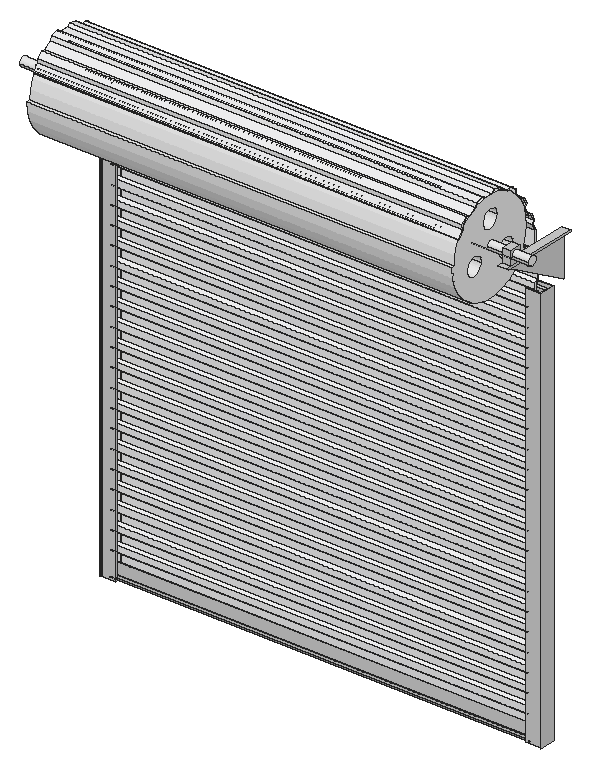
Revit family "Doors_Industrial_Wayne-Dalton_Commercial-Wind-Load-Roll-Up-Door-Model-DS-350_", category Specialty Equipment, host Wall, Revit 2019
Family settings
  Host = Wall
  Round Connector Dimension = Use Diameter
  Part Type = Normal
  OmniClass Number = 23.30.10.21.34
  OmniClass Title = Industrial Doors
  Always vertical = Yes
  Cut with Voids When Loaded = No
  Shared = No
  Room Calculation Point = No
Parameters (values of type "‏​Manual push-up")
  Voltage = 0 V
  True Opening Width [instance] = Clear Width  # 72"
  True Opening Height [instance] = Clear Height  # 72"
  Square 3 [instance] = if(Hood 3, if(Curtain Option Real = 1, 1 = 1, 1 = 2), 1 = 2)  # no
  Square 2 [instance] = if(Hood 2, if(Curtain Option Real = 1, 1 = 1, 1 = 2), 1 = 2)  # no
  Square 1 [instance] = if(Hood 1, if(Curtain Option Real = 1, 1 = 1, 1 = 2), 1 = 2)  # yes
  Slat Height [instance] = if(Curtain Option Real = 1, 3 7/32" * 3, 3 41/256" * 3)  # 9 21/32"
  Round 3 [instance] = if(Hood 3, not(Square 3), 1 = 2)  # no
  Round 2 [instance] = if(Hood 2, not(Square 2), 1 = 2)  # no
  Round 1 [instance] = if(Hood 1, not(Square 1), 1 = 2)  # no
  Product Page URL = "https://www.wayne-dalton.com/roll-up-sheet-door-ds350"
  Slat Length [instance] = [Opening Width (Real)] + 1/4" * 2 + 1 77/256" * 2  # 75 13/128"
  Power Factor = 1
  Opening Width [instance] = 72"
  Opening Height [instance] = 72"
  Number of Poles = 1
  Motor Type [instance] = "GCL Wall mount operator"  # constant formula
  Min Opening Width [instance] = 48"  # constant formula
  Min Opening Height [instance] = 72"  # constant formula
  Max Opening Width [instance] = 192"  # constant formula
  Max Opening Height [instance] = 192"  # constant formula
  Manual = yes
  Hood 3 [instance] = if(Headroom Height = 24", 1 = 1, 1 = 2)  # no
  Hood 2 [instance] = if(Headroom Height = 22", 1 = 1, 1 = 2)  # no
  Hood 1 [instance] = if(Headroom Height = 20", 1 = 1, 1 = 2)  # yes
  Headroom Height [instance] = if([Opening Height (Real)] < 96 1/4", 20", if([Opening Height (Real)] < 120 1/4", 22", 24"))  # 20"
  Opening Width (Real) [instance] = if(Opening Width < Min Opening Width, Min Opening Width, if(Opening Width > Max Opening Width, Max Opening Width, Opening Width))  # 72"
  Opening Height (Real) [instance] = if(Opening Height < Min Opening Height, Min Opening Height, if(Opening Height > Max Opening Height, Max Opening Height, Opening Height))  # 72"
  URL = "https://www.wayne-dalton.com/"
  Product data url = "https://www.bimobject.com/wayne-dalton/product/roll-up-sheet-door-ds350"
  Product Guid = "3ebec87e-711d-456e-b7eb-1e1a6fb7535e"
  Model = "DS-350"  # constant formula
  Manufacturer = "Wayne Dalton"  # constant formula
  Wall Closure = By host
  Frequency = 0 Hz
  Floor To (CL) of Shaft [instance] = [Opening Height (Real)] + C + 1 1/2"  # 83 1/2"
  Finish Material = Metal - Wayne Dalton - Galvanized Steel
  Electrical Operator = no
  Description = "Model DS-350 Commercial Wind Load Roll-Up Door (R-Value 4.0 with optional insulation)"  # constant formula
  Curtain Type [instance] = if(Curtain Option Real = 1, "Square Profile", "Round Profile")  # "Square Profile"
  Curtain Option Real [instance] = if(Curtain Option < 2, 1, 2)  # 1
  Curtain Option [instance] = 1
  Curtain Material [instance] = Steel - Wayne Dalton - White
  Current = 0 A
  Connection Offset Real [instance] = if(Ad Slat 2, Connection Offset - Ad Slat Height * 2, if(Ad Slat 1, Connection Offset - Ad Slat Height, Connection Offset))  # 5 39/256"
  Connection Offset [instance] = [Floor To (CL) of Shaft] - Array Length - 1 13/128" + 1/256"  # 5 39/256"
  Clear Width [instance] = [Opening Width (Real)]  # 72"
  Clear Height [instance] = [Opening Height (Real)]  # 72"
  Chain Hoist = no
  C [instance] = if([Opening Height (Real)] < 96 1/4", 10", if([Opening Height (Real)] < 120 1/4", 11", 12"))  # 10"
  Backroom Depth [instance] = Headroom Height + 3"  # 23"
  BR Shaft Distance [instance] = 11 1/2" + 3/4"  # 12 1/4"
  Array Length [instance] = (Array) * Slat Height  # 77 1/4"
  Array [instance] = rounddown(([Floor To (CL) of Shaft] - 1 13/128" - 2 51/256") / Slat Height)  # 8
  Apparent Load Phase 1 = Current * Voltage  # 0 VA
  Ad Slat Height [instance] = if(Curtain Option Real = 1, 3 7/32", 3 41/256")  # 3 7/32"
  Ad Slat 2 [instance] = if(Connection Offset > Ad Slat Height * 2 + 2 51/256", 1 = 1, 1 = 2)  # no
  Ad Slat 1 [instance] = if(Connection Offset > Ad Slat Height + 2 51/256", 1 = 1, 1 = 2)  # no
  A [instance] = if(Manual, 6", if(Chain Hoist, 8", 9"))  # 6"
Reference planes (in)
  plane 1 "Center (Front/Back)": y = 0
  plane 2 "Center (Left/Right)": x = 0
  plane 3 "Exterior": y = 1.5
  plane 4 "Interior": y = -4.5
  plane 5: x = 36
  plane 6: x = -36
  plane 7: z = 72
  plane 8 "Top": z = 92
  plane 9 "Main": y = -6.5
  plane 10: y = -27.5
  plane 11 "Main Door Block": y = -4.5
  plane 12: z = 47.47
  plane 13 "Bottom Bar": z = 1.1046
  plane 14: x = 38.25
  plane 15: x = -38.25
  plane 16: y = -6.003
  plane 17: y = -6.798
  plane 18: z = 78.3546
  plane 19: z = 83.5
  plane 20: z = 10.76085
  plane 21: z = 81.57335
  plane 22: y = -16.75
  plane 23: x = 37.55078
  plane 24: x = -37.55078
Forms (in)
  Extrusion 1, solid, material "Steel - Wayne Dalton - White" <- "Curtain Material", visible <- "Square 1"
    sketch origin (0, -16.75, 83.5) x (0, 1, 0) y (0, 0, 1)
      loop
        line (9.35386, -0.98398) -> (9.952, -2.141) -> (9.952, -5.15234) -> (9.992, -5.15234) -> (9.992, -2.13127) -> (9.39876, -0.98372) -> (9.70567, -0.3725) -> (9.10863, 0.78239) -> (8.48605, 0.87724) -> (7.73642, 2.4142) -> (8.0119, 3.04619) -> (7.35309, 4.16698) -> (6.77504, 4.22317) -> (5.61691, 5.60807) -> (5.63407, 6.28783) -> (4.60189, 7.07829) -> (3.92065, 6.87579)
        arc (3.92065, 6.87579) -> (3.23374, 7.22433) -> (2.5162, 7.50445) r 7.915
        line (2.5162, 7.50445) -> (2.21341, 8.14743) -> (0.93628, 8.39066) -> (0.41835, 7.90399)
        arc (0.41835, 7.90399) -> (-0.35192, 7.90723) -> (-1.11886, 7.83558) r 7.915
        line (-1.11886, 7.83558) -> (-1.67798, 8.2743) -> (-2.92845, 7.91858) -> (-3.17293, 7.25125)
        arc (-3.17293, 7.25125) -> (-3.86368, 6.90796) -> (-4.51775, 6.49907) r 7.915
        line (-4.51775, 6.49907) -> (-5.21433, 6.64006) -> (-6.17196, 5.76076) -> (-6.09079, 5.05471)
        arc (-6.09079, 5.05471) -> (-6.55449, 4.43694) -> (-6.95576, 3.77691) r 7.915
        line (-6.95576, 3.77691) -> (-6.92515, 3.74945)
        arc (-6.92515, 3.74945) -> (-6.51925, 4.41764) -> (-6.0491, 5.04228) r 7.875
        line (-6.0491, 5.04228) -> (-6.12989, 5.74508) -> (-5.20229, 6.59681) -> (-4.50892, 6.45647)
        arc (-4.50892, 6.45647) -> (-3.84416, 6.87305) -> (-3.14125, 7.22143) r 7.875
        line (-3.14125, 7.22143) -> (-2.8979, 7.88568) -> (-1.68664, 8.23025) -> (-1.13009, 7.79355)
        arc (-1.13009, 7.79355) -> (-0.35014, 7.86727) -> (0.43327, 7.86313) r 7.875
        line (0.43327, 7.86313) -> (0.94882, 8.34755) -> (2.1859, 8.11194) -> (2.4873, 7.47193)
        arc (2.4873, 7.47193) -> (3.2174, 7.18782) -> (3.91565, 6.83257) r 7.875
        line (3.91565, 6.83257) -> (4.59376, 7.03414) -> (5.59357, 6.26846) -> (5.57655, 5.59404) -> (6.75491, 4.18494) -> (7.32893, 4.12914) -> (7.96709, 3.04349) -> (7.69237, 2.41326) -> (8.45929, 0.84085) -> (9.08246, 0.74591) -> (9.66077, -0.37276) -> (9.35386, -0.98398)
    from -37.55078 to 37.55078
  Extrusion 2, solid, material "Steel - Wayne Dalton - White" <- "Curtain Material", visible <- "Round 1"
    sketch origin (0, -16.75, 83.5) x (0, 1, 0) y (0, 0, 1)
      loop
        arc (9.74192, -1.45013) -> (9.70658, -1.67468) -> (9.90748, -1.78104) r 0.19562
        line (9.90748, -1.78104) -> (10.085, -2.141) -> (10.085, -5.15234) -> (10.133, -5.15234) -> (10.133, -2.12924) -> (9.93364, -1.725)
        arc (9.93364, -1.725) -> (9.75811, -1.66767) -> (9.77636, -1.48393) r 0.14737
        arc (9.77636, -1.48393) -> (9.89931, -0.71691) -> (9.21593, -0.34757) r 0.67117
        arc (9.21593, -0.34757) -> (9.05903, -0.2502) -> (9.1204, -0.07604) r 0.14737
        line (9.1204, -0.07604) -> (8.53591, 1.10908)
        arc (8.53591, 1.10908) -> (8.36035, 1.16644) -> (8.37862, 1.35023) r 0.1474
        arc (8.37862, 1.35023) -> (8.50168, 2.11855) -> (7.81692, 2.4881) r 0.67208
        arc (7.81692, 2.4881) -> (7.59514, 2.64042) -> (7.71928, 2.87912) r 0.20303
        arc (7.71928, 2.87912) -> (7.42224, 3.61978) -> (6.90343, 4.22612) r 2.45604
        arc (6.90343, 4.22612) -> (6.71156, 4.22906) -> (6.68519, 4.41913) r 0.1474
        arc (6.68519, 4.41913) -> (6.64936, 5.19511) -> (5.9051, 5.41757) r 0.67119
        arc (5.9051, 5.41757) -> (5.73414, 5.47703) -> (5.74981, 5.65736) r 0.14735
        arc (5.74981, 5.65736) -> (5.28391, 6.29572) -> (4.57984, 6.65467) r 1.70114
        arc (4.57984, 6.65467) -> (4.40364, 6.5959) -> (4.30983, 6.7562) r 0.1474
        arc (4.30983, 6.7562) -> (3.96148, 7.45051) -> (3.19107, 7.35102) r 0.67119
        arc (3.19107, 7.35102) -> (3.01095, 7.33565) -> (2.95149, 7.50636) r 0.14735
        arc (2.95149, 7.50636) -> (2.26649, 7.90055) -> (1.47729, 7.94267) r 1.70114
        arc (1.47729, 7.94267) -> (1.34043, 7.8168) -> (1.18925, 7.92506) r 0.1474
        arc (1.18925, 7.92506) -> (0.58862, 8.41766) -> (-0.07472, 8.01342) r 0.67119
        arc (-0.07472, 8.01342) -> (-0.23303, 7.92612) -> (-0.35677, 8.05793) r 0.14735
        arc (-0.35677, 8.05793) -> (-1.14283, 8.13939) -> (-1.88088, 7.85689) r 1.70114
        arc (-1.88088, 7.85689) -> (-1.95472, 7.68623) -> (-2.13686, 7.72365) r 0.1474
        arc (-2.13686, 7.72365) -> (-2.88593, 7.92937) -> (-3.3275, 7.29028) r 0.67119
        arc (-3.3275, 7.29028) -> (-3.43662, 7.14614) -> (-3.60327, 7.21622) r 0.14735
        arc (-3.60327, 7.21622) -> (-4.35451, 6.97093) -> (-4.91385, 6.41266) r 1.70114
        arc (-4.91385, 6.41266) -> (-4.9119, 6.22673) -> (-5.09351, 6.18683) r 0.1474
        arc (-5.09351, 6.18683) -> (-5.86149, 6.0701) -> (-6.00496, 5.30667) r 0.67119
        arc (-6.00496, 5.30667) -> (-6.04603, 5.13059) -> (-6.2268, 5.12686) r 0.14735
        arc (-6.2268, 5.12686) -> (-6.81327, 4.59725) -> (-7.09718, 3.85979) r 1.70114
        arc (-7.09718, 3.85979) -> (-7.01977, 3.69073) -> (-7.16946, 3.58041) r 0.1474
        line (-7.16946, 3.58041) -> (-7.16946, 3.53209)
        arc (-7.16946, 3.53209) -> (-6.97785, 3.66253) -> (-7.04529, 3.8843) r 0.19561
        arc (-7.04529, 3.8843) -> (-6.77295, 4.57141) -> (-6.2284, 5.07117) r 1.6532
        arc (-6.2284, 5.07117) -> (-6.00359, 5.10369) -> (-5.9611, 5.32683) r 0.19561
        arc (-5.9611, 5.32683) -> (-5.8279, 6.03538) -> (-5.11511, 6.14365) r 0.62293
        arc (-5.11511, 6.14365) -> (-4.88582, 6.18314) -> (-4.85649, 6.41395) r 0.19561
        arc (-4.85649, 6.41395) -> (-4.32818, 6.93092) -> (-3.62739, 7.16599) r 1.6532
        arc (-3.62739, 7.16599) -> (-3.40878, 7.10423) -> (-3.27919, 7.29081) r 0.19562
        arc (-3.27919, 7.29081) -> (-2.86934, 7.88394) -> (-2.17415, 7.69293) r 0.62291
        arc (-2.17415, 7.69293) -> (-1.94863, 7.63572) -> (-1.82791, 7.83461) r 0.19562
        arc (-1.82791, 7.83461) -> (-1.13501, 8.092) -> (-0.39919, 8.02169) r 1.65314
        arc (-0.39919, 8.02169) -> (-0.22454, 7.87656) -> (-0.03038, 7.99431) r 0.19562
        arc (-0.03038, 7.99431) -> (0.5853, 8.36944) -> (1.1427, 7.91217) r 0.62292
        arc (1.1427, 7.91217) -> (1.32545, 7.76819) -> (1.51662, 7.90077) r 0.19562
        arc (1.51662, 7.90077) -> (2.25437, 7.85408) -> (2.89801, 7.49052) r 1.65314
        arc (2.89801, 7.49052) -> (2.99855, 7.28693) -> (3.2238, 7.31553) r 0.19562
        arc (3.2238, 7.31553) -> (3.93884, 7.40781) -> (4.26206, 6.76336) r 0.62292
        arc (4.26206, 6.76336) -> (4.37019, 6.55761) -> (4.59864, 6.60044) r 0.19562
        arc (4.59864, 6.60044) -> (5.25386, 6.25826) -> (5.69444, 5.66472) r 1.65314
        arc (5.69444, 5.66472) -> (5.70296, 5.43757) -> (5.92056, 5.37183) r 0.19562
        arc (5.92056, 5.37183) -> (6.61131, 5.1653) -> (6.64447, 4.4451) r 0.62292
        arc (6.64447, 4.4451) -> (6.66416, 4.20792) -> (6.89831, 4.16529) r 0.19562
        arc (6.89831, 4.16529) -> (7.38087, 3.59309) -> (7.66415, 2.90025) r 2.40509
        arc (7.66415, 2.90025) -> (7.55829, 2.6074) -> (7.82249, 2.4426) r 0.24762
        arc (7.82249, 2.4426) -> (8.45927, 2.09867) -> (8.34445, 1.38411) r 0.62502
        arc (8.34445, 1.38411) -> (8.30895, 1.1596) -> (8.50974, 1.05307) r 0.19562
        line (8.50974, 1.05307) -> (9.06001, -0.06268)
        arc (9.06001, -0.06268) -> (9.02211, -0.28682) -> (9.22178, -0.39546) r 0.19562
        arc (9.22178, -0.39546) -> (9.85604, -0.73825) -> (9.74192, -1.45013) r 0.62292
    from -37.55078 to 37.55078
  Extrusion 3, solid, material "Steel - Wayne Dalton - White" <- "Curtain Material", visible <- "Square 2"
    sketch origin (0, -56.91387, 60.29048) x (0, 1, 0) y (0, 0, 1)
      loop
        line (50.15543, 21.0759) -> (49.8925, 21.94375) -> (50.27805, 22.45275) -> (49.90088, 23.69748) -> (49.2514, 23.92293) -> (48.89029, 25.11467) -> (49.30541, 25.6627) -> (48.92824, 26.90743) -> (48.27876, 27.13288) -> (47.28814, 28.58067) -> (47.41089, 29.2807) -> (46.5069, 30.21504) -> (45.80066, 30.11511)
        arc (45.80066, 30.11511) -> (44.98916, 30.70465) -> (44.11658, 31.1993) r 8.91406
        line (44.11658, 31.1993) -> (43.91454, 31.87913) -> (42.68864, 32.312) -> (42.10452, 31.90977)
        arc (42.10452, 31.90977) -> (41.11477, 32.07272) -> (40.11299, 32.12343) r 8.91406
        line (40.11299, 32.12343) -> (39.62749, 32.64042) -> (38.33766, 32.47745) -> (37.99601, 31.85595)
        arc (37.99601, 31.85595) -> (37.03832, 31.55766) -> (36.12021, 31.15365) r 8.91406
        line (36.12021, 31.15365) -> (35.4544, 31.39795) -> (34.3747, 30.67377) -> (34.3481, 29.96505)
        arc (34.3481, 29.96505) -> (33.62595, 29.26889) -> (32.98658, 28.49601) r 8.91406
        line (32.98658, 28.49601) -> (32.28193, 28.41572) -> (31.64174, 27.28418) -> (31.958, 26.59023) -> (31.97896, 26.64068) -> (31.68659, 27.28222) -> (32.30671, 28.37828) -> (33.0072, 28.4581)
        arc (33.0072, 28.4581) -> (33.6546, 29.24234) -> (34.38747, 29.94737) r 8.875
        line (34.38747, 29.94737) -> (34.41391, 30.6519) -> (35.45976, 31.35338) -> (36.12163, 31.11052)
        arc (36.12163, 31.11052) -> (37.05202, 31.52107) -> (38.02326, 31.8225) r 8.875
        line (38.02326, 31.8225) -> (38.3629, 32.44032) -> (39.61228, 32.59818) -> (40.09491, 32.08425)
        arc (40.09491, 32.08425) -> (41.11061, 32.03388) -> (42.11387, 31.86764) r 8.875
        line (42.11387, 31.86764) -> (42.69453, 32.2675) -> (43.882, 31.84819) -> (44.08285, 31.17239)
        arc (44.08285, 31.17239) -> (44.96804, 30.67179) -> (45.79016, 30.07322) r 8.875
        line (45.79016, 30.07322) -> (46.49232, 30.17258) -> (47.36797, 29.26753) -> (47.24579, 28.57073) -> (48.24655, 27.10126) -> (48.89603, 26.87581) -> (49.26122, 25.6706) -> (48.8461, 25.12257) -> (49.21919, 23.8913) -> (49.86867, 23.66586) -> (50.23386, 22.46065) -> (49.84831, 21.95166) -> (50.11587, 21.06852) -> (50.11587, 18.05717) -> (50.15543, 18.05717) -> (50.15543, 21.0759)
    from -37.55078 to 37.55078
  Extrusion 4, solid, material "Steel - Wayne Dalton - White" <- "Curtain Material", visible <- "Round 2"
    sketch origin (0, -58.62108, 60.29048) x (0, 1, 0) y (0, 0, 1)
      loop
        arc (51.61751, 22.14506) -> (51.54784, 21.92869) -> (51.72984, 21.7925) r 0.19562
        line (51.72984, 21.7925) -> (51.95608, 21.0682) -> (51.95608, 18.05717) -> (52.00408, 18.05717) -> (52.00408, 21.07637) -> (51.76436, 21.84382)
        arc (51.76436, 21.84382) -> (51.59982, 21.92763) -> (51.6463, 22.10634) r 0.14737
        arc (51.6463, 22.10634) -> (51.88651, 22.84508) -> (51.26854, 23.31576) r 0.67117
        arc (51.26854, 23.31576) -> (51.1286, 23.43624) -> (51.21619, 23.5988) r 0.14737
        line (51.21619, 23.5988) -> (50.82222, 24.86011)
        arc (50.82222, 24.86011) -> (50.65768, 24.94391) -> (50.70416, 25.12262) r 0.14737
        arc (50.70416, 25.12262) -> (50.94437, 25.86136) -> (50.32639, 26.33204) r 0.67117
        arc (50.32639, 26.33204) -> (50.18998, 26.43777) -> (50.2475, 26.60049) r 0.14737
        arc (50.2475, 26.60049) -> (50.03811, 27.42772) -> (49.53591, 28.11759) r 2.25136
        arc (49.53591, 28.11759) -> (49.34943, 28.13045) -> (49.3255, 28.31583) r 0.1474
        arc (49.3255, 28.31583) -> (49.27994, 29.0913) -> (48.53295, 29.30441) r 0.67119
        arc (48.53295, 29.30441) -> (48.36788, 29.35255) -> (48.36081, 29.52434) r 0.14735
        arc (48.36081, 29.52434) -> (47.89934, 30.26041) -> (47.11736, 30.63893) r 1.57183
        arc (47.11736, 30.63893) -> (46.94039, 30.58722) -> (46.8514, 30.7487) r 0.1474
        arc (46.8514, 30.7487) -> (46.51695, 31.44981) -> (45.74471, 31.36569) r 0.67119
        arc (45.74471, 31.36569) -> (45.5672, 31.35201) -> (45.50609, 31.51924) r 0.14735
        arc (45.50609, 31.51924) -> (44.81441, 31.99598) -> (43.97598, 32.0484) r 1.57183
        arc (43.97598, 32.0484) -> (43.83067, 31.93491) -> (43.68827, 32.05202) r 0.1474
        arc (43.68827, 32.05202) -> (43.11821, 32.57971) -> (42.43186, 32.21592) r 0.67119
        arc (42.43186, 32.21592) -> (42.27215, 32.13752) -> (42.1534, 32.27) r 0.14735
        arc (42.1534, 32.27) -> (41.33414, 32.4574) -> (40.53544, 32.19592) r 1.57183
        arc (40.53544, 32.19592) -> (40.44243, 32.03673) -> (40.2668, 32.09285) r 0.1474
        arc (40.2668, 32.09285) -> (39.54198, 32.37222) -> (39.03889, 31.78034) r 0.67119
        arc (39.03889, 31.78034) -> (38.92134, 31.64877) -> (38.76187, 31.72426) r 0.14735
        arc (38.76187, 31.72426) -> (37.93145, 31.59349) -> (37.28719, 31.05346) r 1.57183
        arc (37.28719, 31.05346) -> (37.26011, 30.87109) -> (37.07621, 30.85782) r 0.1474
        arc (37.07621, 30.85782) -> (36.29948, 30.84739) -> (36.05279, 30.1108) r 0.67119
        arc (36.05279, 30.1108) -> (35.99264, 29.94494) -> (35.81653, 29.95566) r 0.14735
        arc (35.81653, 29.95566) -> (35.09442, 29.52525) -> (34.6974, 28.78426) r 1.57183
        arc (34.6974, 28.78426) -> (34.74013, 28.60491) -> (34.57437, 28.52416) r 0.1474
        arc (34.57437, 28.52416) -> (33.85731, 28.22543) -> (33.90245, 27.44994) r 0.67119
        arc (33.90245, 27.44994) -> (33.90512, 27.26917) -> (33.73063, 27.22187) r 0.14735
        line (33.73063, 27.22187) -> (33.73063, 27.17065)
        arc (33.73063, 27.17065) -> (33.94944, 27.24815) -> (33.94016, 27.4801) r 0.19562
        arc (33.94016, 27.4801) -> (33.89832, 28.19985) -> (34.56388, 28.47701) r 0.62292
        arc (34.56388, 28.47701) -> (34.77685, 28.57067) -> (34.74964, 28.80173) r 0.19562
        arc (34.74964, 28.80173) -> (35.12977, 29.4944) -> (35.80552, 29.90386) r 1.52496
        arc (35.80552, 29.90386) -> (36.02942, 29.9118) -> (36.09901, 30.12476) r 0.19562
        arc (36.09901, 30.12476) -> (36.32802, 30.80839) -> (37.04892, 30.81797) r 0.62292
        arc (37.04892, 30.81797) -> (37.28145, 30.82564) -> (37.34218, 31.05023) r 0.19562
        arc (37.34218, 31.05023) -> (37.95278, 31.55169) -> (38.73237, 31.68027) r 1.52496
        arc (38.73237, 31.68027) -> (38.94315, 31.60433) -> (39.08699, 31.77609) r 0.19562
        arc (39.08699, 31.77609) -> (39.55396, 32.32539) -> (40.22664, 32.06601) r 0.62292
        arc (40.22664, 32.06601) -> (40.44533, 31.98661) -> (40.58528, 32.17246) r 0.19562
        arc (40.58528, 32.17246) -> (41.3381, 32.41065) -> (42.10913, 32.24041) r 1.52496
        arc (42.10913, 32.24041) -> (42.27573, 32.08807) -> (42.47498, 32.19418) r 0.19562
        arc (42.47498, 32.19418) -> (43.11202, 32.53177) -> (43.64103, 32.04194) r 0.62292
        arc (43.64103, 32.04194) -> (43.81482, 31.88727) -> (44.0136, 32.00817) r 0.19562
        arc (44.0136, 32.00817) -> (44.80077, 31.95109) -> (45.45399, 31.50814) r 1.52496
        arc (45.45399, 31.50814) -> (45.55221, 31.30473) -> (45.77673, 31.32955) r 0.19562
        arc (45.77673, 31.32955) -> (46.49346, 31.40757) -> (46.80378, 30.75681) r 0.62292
        arc (46.80378, 30.75681) -> (46.90804, 30.54883) -> (47.13744, 30.58763) r 0.19562
        arc (47.13744, 30.58763) -> (47.87059, 30.22323) -> (48.30962, 29.53219) r 1.52496
        arc (48.30962, 29.53219) -> (48.33674, 29.31446) -> (48.54898, 29.25886) r 0.19562
        arc (48.54898, 29.25886) -> (49.24226, 29.06102) -> (49.28445, 28.34129) r 0.62292
        arc (49.28445, 28.34129) -> (49.30264, 28.10935) -> (49.52974, 28.05884) r 0.19562
        arc (49.52974, 28.05884) -> (49.99777, 27.40332) -> (50.19908, 26.62343) r 2.20449
        arc (50.19908, 26.62343) -> (50.14791, 26.41143) -> (50.32476, 26.28382) r 0.19562
        arc (50.32476, 26.28382) -> (50.89831, 25.84697) -> (50.67537, 25.16134) r 0.62292
        arc (50.67537, 25.16134) -> (50.60569, 24.94497) -> (50.7877, 24.80879) r 0.19562
        line (50.7877, 24.80879) -> (51.1586, 23.62134)
        arc (51.1586, 23.62134) -> (51.08646, 23.40578) -> (51.26691, 23.26753) r 0.19562
        arc (51.26691, 23.26753) -> (51.84045, 22.83069) -> (51.61751, 22.14506) r 0.62292
    from -37.55078 to 37.55078
  Extrusion 5, solid, material "Steel - Wayne Dalton - White" <- "Curtain Material", visible <- "Square 3"
    sketch origin (0, -60.40075, 60.29048) x (0, 1, 0) y (0, 0, 1)
      loop
        line (53.60275, 21.68711) -> (53.60275, 18.05717) -> (53.64231, 18.05717) -> (53.64231, 21.66731) -> (54.12359, 22.04495) -> (54.07546, 23.34469) -> (53.58876, 23.67149) -> (53.40284, 24.99443) -> (53.84024, 25.57052) -> (53.46466, 26.81517) -> (52.79076, 27.04995)
        arc (52.79076, 27.04995) -> (52.45025, 27.77651) -> (52.05211, 28.47315) r 9.91406
        line (52.05211, 28.47315) -> (52.24463, 29.15794) -> (51.43893, 30.17826) -> (50.73034, 30.14984)
        arc (50.73034, 30.14984) -> (50.14551, 30.69996) -> (49.51808, 31.20096) r 9.91406
        line (49.51808, 31.20096) -> (49.44443, 31.90847) -> (48.31918, 32.55964) -> (47.67104, 32.27185)
        arc (47.67104, 32.27185) -> (46.92404, 32.56763) -> (46.15555, 32.80194) r 9.91406
        line (46.15555, 32.80194) -> (45.82605, 33.43237) -> (44.53994, 33.62242) -> (44.04371, 33.11579)
        arc (44.04371, 33.11579) -> (43.24029, 33.11508) -> (42.43956, 33.04932) r 9.91406
        line (42.43956, 33.04932) -> (41.90071, 33.51369) -> (40.63522, 33.2158) -> (40.36093, 32.56183)
        arc (40.36093, 32.56183) -> (39.61445, 32.26473) -> (38.89449, 31.90817) r 9.91406
        line (38.89449, 31.90817) -> (38.22232, 32.14096) -> (37.15602, 31.39717) -> (37.14238, 30.68814)
        arc (37.14238, 30.68814) -> (36.55783, 30.13621) -> (36.01992, 29.53874) r 9.91406
        line (36.01992, 29.53874) -> (35.30929, 29.50703) -> (34.59278, 28.42221) -> (34.84177, 27.7582)
        arc (34.84177, 27.7582) -> (34.50238, 27.02998) -> (34.22307, 26.27668) r 9.91406
        line (34.22307, 26.27668) -> (33.57428, 25.985) -> (33.30858, 24.71236) -> (33.78604, 24.18593) -> (33.84004, 24.18593) -> (33.3519, 24.72414) -> (33.60927, 25.95687) -> (34.25449, 26.24695)
        arc (34.25449, 26.24695) -> (34.53843, 27.01495) -> (34.88502, 27.75678) r 9.875
        line (34.88502, 27.75678) -> (34.63739, 28.41718) -> (35.33144, 29.46798) -> (36.03816, 29.49952)
        arc (36.03816, 29.49952) -> (36.58579, 30.10893) -> (37.18206, 30.67086) r 9.875
        line (37.18206, 30.67086) -> (37.19562, 31.37602) -> (38.22849, 32.09649) -> (38.89696, 31.86498)
        arc (38.89696, 31.86498) -> (39.63037, 32.22906) -> (40.39143, 32.53113) r 9.875
        line (40.39143, 32.53113) -> (40.66422, 33.18153) -> (41.89004, 33.47008) -> (42.42593, 33.00826)
        arc (42.42593, 33.00826) -> (43.24192, 33.07605) -> (44.06073, 33.076) r 9.875
        line (44.06073, 33.076) -> (44.55425, 33.57987) -> (45.80004, 33.39578) -> (46.12773, 32.76882)
        arc (46.12773, 32.76882) -> (46.91116, 32.53075) -> (47.67218, 32.22859) r 9.875
        line (47.67218, 32.22859) -> (48.31679, 32.51481) -> (49.40676, 31.88406) -> (49.48, 31.18043)
        arc (49.48, 31.18043) -> (50.11993, 30.67044) -> (50.71544, 30.10921) r 9.875
        line (50.71544, 30.10921) -> (51.42017, 30.13748) -> (52.20061, 29.14915) -> (52.00914, 28.46812)
        arc (52.00914, 28.46812) -> (52.4156, 27.75848) -> (52.76195, 27.01763) r 9.875
        line (52.76195, 27.01763) -> (53.43225, 26.7841) -> (53.79606, 25.57848) -> (53.36171, 25.00641) -> (53.55277, 23.64695) -> (54.03627, 23.3223) -> (54.08286, 22.06384) -> (53.60275, 21.68711)
    from -37.55078 to 37.55078
  Extrusion 6, solid, material "Steel - Wayne Dalton - White" <- "Curtain Material", visible <- "Round 3"
    sketch origin (0, -60.40075, 60.29048) x (0, 1, 0) y (0, 0, 1)
      loop
        arc (53.7129, 21.9521) -> (53.58659, 21.75701) -> (53.73587, 21.57889) r 0.19562
        line (53.73587, 21.57889) -> (53.73587, 18.05717) -> (53.78387, 18.05717) -> (53.78387, 21.62168)
        arc (53.78387, 21.62168) -> (53.63704, 21.74164) -> (53.72991, 21.90694) r 0.14737
        arc (53.72991, 21.90694) -> (54.16437, 22.55089) -> (53.70001, 23.17363) r 0.67117
        arc (53.70001, 23.17363) -> (53.5987, 23.32801) -> (53.72768, 23.46014) r 0.14737
        line (53.72768, 23.46014) -> (53.64168, 24.92982)
        arc (53.64168, 24.92982) -> (53.45694, 24.99718) -> (53.50354, 25.18822) r 0.1474
        arc (53.50354, 25.18822) -> (53.77164, 25.91729) -> (53.17202, 26.41113) r 0.67119
        arc (53.17202, 26.41113) -> (53.03728, 26.53376) -> (53.12471, 26.6936) r 0.14735
        arc (53.12471, 26.6936) -> (52.91666, 27.32315) -> (52.59853, 27.90488) r 3.66302
        arc (52.59853, 27.90488) -> (52.41152, 27.93125) -> (52.40396, 28.11996) r 0.1474
        arc (52.40396, 28.11996) -> (52.43364, 28.89619) -> (51.71077, 29.18058) r 0.67119
        arc (51.71077, 29.18058) -> (51.54149, 29.26217) -> (51.59002, 29.44371) r 0.14735
        arc (51.59002, 29.44371) -> (51.19833, 29.97806) -> (50.71679, 30.43311) r 3.66302
        arc (50.71679, 30.43311) -> (50.53075, 30.40058) -> (50.46542, 30.57778) r 0.1474
        arc (50.46542, 30.57778) -> (50.25452, 31.32541) -> (49.47919, 31.37326) r 0.67119
        arc (49.47919, 31.37326) -> (49.29297, 31.39878) -> (49.28333, 31.58649) r 0.14735
        arc (49.28333, 31.58649) -> (48.74643, 31.97383) -> (48.14858, 32.25821) r 3.66302
        arc (48.14858, 32.25821) -> (47.9816, 32.16996) -> (47.86487, 32.31843) r 0.1474
        arc (47.86487, 32.31843) -> (47.43397, 32.96476) -> (46.68159, 32.7715) r 0.67119
        arc (46.68159, 32.7715) -> (46.49982, 32.73663) -> (46.42736, 32.90695) r 0.14735
        arc (46.42736, 32.90695) -> (45.79811, 33.11086) -> (45.14244, 33.19827) r 3.66302
        arc (45.14244, 33.19827) -> (45.01053, 33.06311) -> (44.85393, 33.16869) r 0.1474
        arc (44.85393, 33.16869) -> (44.24573, 33.65193) -> (43.58874, 33.23746) r 0.67119
        arc (43.58874, 33.23746) -> (43.42162, 33.14953) -> (43.30523, 33.29824) r 0.14735
        arc (43.30523, 33.29824) -> (42.6436, 33.29738) -> (41.99292, 33.17751) r 3.66302
        arc (41.99292, 33.17751) -> (41.90933, 33.00815) -> (41.72774, 33.06006) r 0.1474
        arc (41.72774, 33.06006) -> (40.99982, 33.33128) -> (40.50341, 32.73379) r 0.67119
        arc (40.50341, 32.73379) -> (40.37655, 32.59902) -> (40.21803, 32.69457) r 0.14735
        arc (40.21803, 32.69457) -> (39.58865, 32.49106) -> (39.00613, 32.17768) r 3.66302
        arc (39.00613, 32.17768) -> (38.97844, 31.99085) -> (38.78968, 31.98463) r 0.1474
        arc (38.78968, 31.98463) -> (38.01367, 32.01981) -> (37.72418, 31.29897) r 0.67119
        arc (37.72418, 31.29897) -> (37.6347, 31.12746) -> (37.45247, 31.19237) r 0.14735
        arc (37.45247, 31.19237) -> (36.91537, 30.80572) -> (36.45661, 30.32874) r 3.66302
        arc (36.45661, 30.32874) -> (36.48748, 30.14241) -> (36.3097, 30.07866) r 0.1474
        arc (36.3097, 30.07866) -> (35.56023, 29.87443) -> (35.50548, 29.09956) r 0.67119
        arc (35.50548, 29.09956) -> (35.48103, 28.91609) -> (35.29654, 28.90126) r 0.14735
        arc (35.29654, 28.90126) -> (34.90398, 28.36887) -> (34.61358, 27.77456) r 3.66302
        arc (34.61358, 27.77456) -> (34.70005, 27.60665) -> (34.55035, 27.4915) r 0.1474
        arc (34.55035, 27.4915) -> (33.89948, 27.06748) -> (34.08475, 26.3131) r 0.67119
        arc (34.08475, 26.3131) -> (34.1218, 26.13908) -> (33.96434, 26.05625) r 0.14735
        line (33.96434, 26.05625) -> (33.98223, 26.00611)
        arc (33.98223, 26.00611) -> (34.17063, 26.13048) -> (34.11635, 26.3496) r 0.19562
        arc (34.11635, 26.3496) -> (33.94446, 27.04977) -> (34.54859, 27.44323) r 0.62292
        arc (34.54859, 27.44323) -> (34.741, 27.57402) -> (34.67228, 27.79629) r 0.19562
        arc (34.67228, 27.79629) -> (34.94488, 28.34591) -> (35.30647, 28.84153) r 3.61614
        arc (35.30647, 28.84153) -> (35.52876, 28.89638) -> (35.54674, 29.12463) r 0.19562
        arc (35.54674, 29.12463) -> (35.59762, 29.84379) -> (36.29324, 30.03325) r 0.62292
        arc (36.29324, 30.03325) -> (36.51647, 30.09881) -> (36.51914, 30.33144) r 0.19562
        arc (36.51914, 30.33144) -> (36.9453, 30.76963) -> (37.43918, 31.12978) r 3.61614
        arc (37.43918, 31.12978) -> (37.67431, 31.09274) -> (37.77114, 31.31019) r 0.19562
        arc (37.77114, 31.31019) -> (38.03988, 31.97919) -> (38.7601, 31.94645) r 0.62292
        arc (38.7601, 31.94645) -> (38.99267, 31.94046) -> (39.06649, 32.1611) r 0.19562
        arc (39.06649, 32.1611) -> (39.60848, 32.44856) -> (40.19127, 32.64026) r 3.61614
        arc (40.19127, 32.64026) -> (40.40382, 32.55516) -> (40.55155, 32.73008) r 0.19562
        arc (40.55155, 32.73008) -> (41.01233, 33.28459) -> (41.68788, 33.03277) r 0.62292
        arc (41.68788, 33.03277) -> (41.90744, 32.95582) -> (42.0453, 33.14323) r 0.19562
        arc (42.0453, 33.14323) -> (42.64828, 33.25073) -> (43.26075, 33.25493) r 3.61614
        arc (43.26075, 33.25493) -> (43.43376, 33.09886) -> (43.63337, 33.21903) r 0.19562
        arc (43.63337, 33.21903) -> (44.24317, 33.60366) -> (44.80758, 33.15508) r 0.62292
        arc (44.80758, 33.15508) -> (44.99254, 33.01394) -> (45.18164, 33.14947) r 0.19562
        arc (45.18164, 33.14947) -> (45.78927, 33.0648) -> (46.37385, 32.87862) r 3.61614
        arc (46.37385, 32.87862) -> (46.49622, 32.68512) -> (46.71843, 32.74028) r 0.19562
        arc (46.71843, 32.74028) -> (47.41674, 32.9196) -> (47.81659, 32.31967) r 0.62292
        arc (47.81659, 32.31967) -> (47.94941, 32.12866) -> (48.17094, 32.19974) r 0.19562
        arc (48.17094, 32.19974) -> (48.72315, 31.93315) -> (49.22237, 31.57708) r 3.61614
        arc (49.22237, 31.57708) -> (49.27329, 31.35067) -> (49.50463, 31.33222) r 0.19562
        arc (49.50463, 31.33222) -> (50.22422, 31.28775) -> (50.41987, 30.59384) r 0.62292
        arc (50.41987, 30.59384) -> (50.4874, 30.37121) -> (50.72006, 30.3706) r 0.19562
        arc (50.72006, 30.3706) -> (51.16365, 29.94651) -> (51.52915, 29.45352) r 3.61614
        arc (51.52915, 29.45352) -> (51.50795, 29.22247) -> (51.72232, 29.1337) r 0.19562
        arc (51.72232, 29.1337) -> (52.39321, 28.8697) -> (52.36557, 28.14927) r 0.62292
        arc (52.36557, 28.14927) -> (52.36123, 27.91666) -> (52.58238, 27.84441) r 0.19562
        arc (52.58238, 27.84441) -> (52.87461, 27.30231) -> (53.0706, 26.71849) r 3.61614
        arc (53.0706, 26.71849) -> (52.99398, 26.50614) -> (53.16852, 26.36297) r 0.19562
        arc (53.16852, 26.36297) -> (53.725, 25.90458) -> (53.47608, 25.22795) r 0.62292
        arc (53.47608, 25.22795) -> (53.40165, 25.00328) -> (53.59815, 24.87135) r 0.19562
        line (53.59815, 24.87135) -> (53.67853, 23.49768)
        arc (53.67853, 23.49768) -> (53.54979, 23.31034) -> (53.68516, 23.12772) r 0.19562
        arc (53.68516, 23.12772) -> (54.11613, 22.54976) -> (53.7129, 21.9521) r 0.62292
    from -37.55078 to 37.55078
Lines and regions (in)
  Opening 1
    outline origin (-90, -4.5, 0) x (1, 0, 0) y (0, 0, 1)
      loop
        line (54, 0) -> (126, 0) -> (126, 72) -> (54, 72) -> (54, 0)
  reference lines
    curve 1: line (0, -16.75, 83.5) -> (0, -16.75, 94)
    curve 2: line (0, -16.75, 83.5) -> (0, -7.75, 83.5)
    curve 3: line (0, -16.75, 81.359) -> (0, -7.75, 81.359)
Text (in)
  text "Exterior" at (-74.96733, 27.31104, 0), in view "Ref. Level"
  text "Interior" at (-74.96733, -25.14366, 0), in view "Ref. Level"
  text "Exterior" at (0, 40.15149, 123.01588), in view "Right"
  text "Interior" at (0, -64.39139, 123.01588), in view "Right"
  text "Interior" at (0, -31.01599, 123.00693), in view "Left"
  text "Exterior" at (0, 54.57065, 123.00693), in view "Left"
Dimensions and locks (in)
  level to host wall = 459.59655"
  "Opening Height (Real)": level to plane 7
  plane 6 to plane 2 "Center (Left/Right)" to plane 5 = 36", 36"
  "Headroom Height": plane 7 to plane 8 "Top"
  locked: plane 11 "Main Door Block" to plane 9 "Main" at 2
  locked: plane 1 "Center (Front/Back)" to plane 4 "Interior" at 4.5
  locked: plane 6 to plane 15 at 2.25
  locked: plane 14 to plane 5 at 2.25
  locked: plane 3 "Exterior" to plane 1 "Center (Front/Back)" at 1.5
  equal spacing: plane 5, plane 2 "Center (Left/Right)", plane 6
  locked: plane 16 to plane 9 "Main" at 0.497
  "Opening Width (Real)": plane 5 to plane 6
  "Backroom Depth": plane 10 to plane 4 "Interior"
  locked: plane 9 "Main" to plane 17 at 0.298
  plane 17 to plane 9 "Main" = 0.298"
  locked: plane 13 "Bottom Bar" to level at 1.1046
  "Array Length": plane 18 to plane 13 "Bottom Bar"
  "Floor To (CL) of Shaft": plane 19 to level
  "Slat Height": plane 20 to plane 13 "Bottom Bar"
  equal spacing: group 1, group 2, group 3, group 4, group 5, group 6, group 7, group 8  (x3)
  "Ad Slat Height": plane 21 to plane 18
  plane 17 to plane 11 "Main Door Block" = 2.298"
  plane 11 "Main Door Block" to nested 1 = 2.298"
  nested 1 to nested 1 = 0.13312"
  "BR Shaft Distance": plane 22 to plane 11 "Main Door Block"
  locked: Extrusion 2 sketch curve to Extrusion 2 sketch curve at 0.04825
  locked: Extrusion 3 sketch curve to Extrusion 3 sketch curve at 0.03956
  locked: Extrusion 3 sketch curve to Extrusion 3 sketch curve at 0.04  (x3)
  locked: Extrusion 4 sketch curve to Extrusion 4 sketch curve at 0.04825
  locked: Extrusion 4 sketch curve to Extrusion 4 sketch curve at 0.048
  locked: Extrusion 5 sketch curve to Extrusion 5 sketch curve at 0.03956
  locked: Extrusion 6 sketch curve to Extrusion 6 sketch curve at 0.048
  locked: Extrusion 5 sketch curve to Extrusion 5 sketch curve at 0.04  (x2)
  locked: curve 1 to curve 1 at 10.5
  locked: curve 2 to curve 2 at 9
  locked: plane 19 to curve 3 at 2.141
  locked: curve 3 to curve 3 at 9
  equal spacing: plane 24, plane 2 "Center (Left/Right)", plane 23
  "Slat Length": plane 24 to plane 23
  "Connection Offset Real": Extrusion 2 sketch curve to curve 2
  "Connection Offset Real": Extrusion 1 sketch curve to curve 2
  "Connection Offset Real": Extrusion 3 sketch curve to curve 2
  "Connection Offset Real": Extrusion 4 sketch curve to curve 2
  locked: Extrusion 2 sketch curve to curve 2 at 2.141
  "Connection Offset Real": Extrusion 5 sketch curve to curve 2
  "Connection Offset Real": Extrusion 6 sketch curve to curve 2
  locked: Extrusion 4 sketch curve to curve 2 at 2.14131
  aligned and locked: Opening 1 sketch curve to level
  aligned and locked: plane 3 "Exterior" to host wall
  aligned and locked: host wall to plane 4 "Interior"
  aligned and locked: plane 6 to Opening 1 sketch curve
  aligned and locked: plane 5 to Opening 1 sketch curve
  aligned and locked: Opening 1 sketch curve to plane 7
  aligned and locked: plane 11 "Main Door Block" to plane 4 "Interior"
  aligned and locked: plane 13 "Bottom Bar" to nested 1
  aligned and locked: plane 20 to nested 2
  aligned and locked: plane 17 to nested 1
  aligned and locked: plane 17 to nested 2
  aligned and locked: plane 2 "Center (Left/Right)" to nested 1
  aligned and locked: plane 2 "Center (Left/Right)" to nested 2
  aligned and locked: plane 22 to nested 8
  aligned and locked: plane 19 to nested 8
  aligned and locked: nested 9 to plane 2 "Center (Left/Right)"
  aligned and locked: plane 11 "Main Door Block" to nested 9
  aligned and locked: level to nested 9
  aligned and locked: plane 17 to nested 10
  aligned and locked: plane 18 to nested 10
  aligned and locked: plane 2 "Center (Left/Right)" to nested 10
  aligned and locked: Extrusion 2 sketch curve to Extrusion 2 sketch curve  (x2)
  aligned and locked: Extrusion 4 sketch curve to Extrusion 4 sketch curve  (x2)
  aligned and locked: Extrusion 3 sketch curve to Extrusion 3 sketch curve  (x2)
  aligned and locked: curve 1 to plane 22
  aligned and locked: plane 19 to curve 1
  aligned and locked: curve 2 to curve 1
  aligned and locked: plane 22 to curve 3
  aligned and locked: Extrusion 2 to plane 24
  aligned and locked: Extrusion 1 to plane 24
  aligned and locked: Extrusion 4 to plane 24
  aligned and locked: Extrusion 6 to plane 24
  aligned and locked: Extrusion 5 to plane 24
  aligned and locked: Extrusion 3 to plane 24
  aligned and locked: plane 23 to Extrusion 6
  aligned and locked: plane 23 to Extrusion 5
  aligned and locked: plane 23 to Extrusion 3
  aligned and locked: plane 23 to Extrusion 4
  aligned and locked: plane 23 to Extrusion 2
  aligned and locked: plane 23 to Extrusion 1
  aligned and locked: plane 5 to nested 8
Automatic sketch dimensions
  curve 1 to curve 2 = 0"
  Extrusion 1 sketch curve to Extrusion 1 sketch curve = 0"  (x14)
  Extrusion 1 sketch curve to curve 2 = 0"
  curve 2 to Extrusion 1 sketch curve = 0.00006"
  Extrusion 1 sketch curve to curve 2 = 1.11886"
  Extrusion 1 sketch curve to Extrusion 1 sketch curve = 0.01123"
  Extrusion 1 sketch curve to Extrusion 1 sketch curve = 0.55912"
  Extrusion 1 sketch curve to Extrusion 1 sketch curve = 0.00866"
  Extrusion 1 sketch curve to Extrusion 1 sketch curve = 1.21126"
  Extrusion 1 sketch curve to Extrusion 1 sketch curve = 0.03055"
  Extrusion 1 sketch curve to Extrusion 1 sketch curve = 0.24335"
  Extrusion 1 sketch curve to Extrusion 1 sketch curve = 0.03167"
  Extrusion 1 sketch curve to Extrusion 1 sketch curve = 1.33599"
  Extrusion 1 sketch curve to Extrusion 1 sketch curve = 0.00883"
  Extrusion 1 sketch curve to Extrusion 1 sketch curve = 0.68454"
  Extrusion 1 sketch curve to Extrusion 1 sketch curve = 0.01204"
  Extrusion 1 sketch curve to Extrusion 1 sketch curve = 0.84681"
  Extrusion 1 sketch curve to Extrusion 1 sketch curve = 0.04169"
  Extrusion 1 sketch curve to Extrusion 1 sketch curve = 0.0391"
  Extrusion 1 sketch curve to Extrusion 1 sketch curve = 0.04207"
  Extrusion 1 sketch curve to curve 2 = 3.74945"
  Extrusion 1 sketch curve to Extrusion 1 sketch curve = 0.83436"
  Extrusion 1 sketch curve to curve 2 = 3.77691"
  Extrusion 1 sketch curve to Extrusion 1 sketch curve = 0.03061"
  curve 2 to Extrusion 1 sketch curve = 0.41835"
  Extrusion 1 sketch curve to Extrusion 1 sketch curve = 0.01492"
  Extrusion 1 sketch curve to Extrusion 1 sketch curve = 0.51794"
  Extrusion 1 sketch curve to Extrusion 1 sketch curve = 0.01254"
  Extrusion 1 sketch curve to Extrusion 1 sketch curve = 1.23708"
  Extrusion 1 sketch curve to Extrusion 1 sketch curve = 0.0275"
  Extrusion 1 sketch curve to Extrusion 1 sketch curve = 0.3014"
  Extrusion 1 sketch curve to Extrusion 1 sketch curve = 0.0289"
  Extrusion 1 sketch curve to Extrusion 1 sketch curve = 1.39945"
  Extrusion 1 sketch curve to Extrusion 1 sketch curve = 0.005"
  Extrusion 1 sketch curve to Extrusion 1 sketch curve = 0.67311"
  Extrusion 1 sketch curve to Extrusion 1 sketch curve = 0.00814"
  Extrusion 1 sketch curve to Extrusion 1 sketch curve = 0.98279"
  Extrusion 1 sketch curve to Extrusion 1 sketch curve = 0.01702"
  Extrusion 1 sketch curve to Extrusion 1 sketch curve = 0.04037"
  Extrusion 1 sketch curve to Extrusion 1 sketch curve = 0.0405"
  Extrusion 1 sketch curve to Extrusion 1 sketch curve = 1.138"
  Extrusion 1 sketch curve to Extrusion 1 sketch curve = 0.02013"
  Extrusion 1 sketch curve to Extrusion 1 sketch curve = 0.55389"
  Extrusion 1 sketch curve to Extrusion 1 sketch curve = 0.02416"
  Extrusion 1 sketch curve to curve 2 = 1.30763"
  Extrusion 1 sketch curve to Extrusion 1 sketch curve = 0.04405"  (x2)
  Extrusion 1 sketch curve to Extrusion 1 sketch curve = 0.23067"
  Extrusion 1 sketch curve to Extrusion 1 sketch curve = 0.04481"
  Extrusion 1 sketch curve to curve 2 = 0.54071"
  Extrusion 1 sketch curve to Extrusion 1 sketch curve = 0.02676"
  curve 2 to Extrusion 1 sketch curve = 0.08246"
  Extrusion 1 sketch curve to Extrusion 1 sketch curve = 0.02617"
  curve 2 to Extrusion 1 sketch curve = 0.35386"
  Extrusion 1 sketch curve to Extrusion 1 sketch curve = 0.04489"  (x2)
  curve 2 to Extrusion 1 sketch curve = 0.66077"
  curve 2 to Extrusion 1 sketch curve = 0.952"
  Extrusion 1 sketch curve to Extrusion 1 sketch curve = 0.04"
  curve 2 to Extrusion 1 sketch curve = 0.3725"
  Extrusion 1 sketch curve to Extrusion 1 sketch curve = 0.00026"  (x2)
  Extrusion 1 sketch curve to curve 2 = 0.98372"
  Extrusion 1 sketch curve to curve 2 = 2.13127"
  Extrusion 1 sketch curve to Extrusion 1 sketch curve = 0.00973"
  curve 2 to Extrusion 1 sketch curve = 0.74591"
  Extrusion 1 sketch curve to Extrusion 1 sketch curve = 0.03647"
  curve 2 to Extrusion 1 sketch curve = 0.84085"
  Extrusion 1 sketch curve to Extrusion 1 sketch curve = 0.03638"
  curve 2 to Extrusion 1 sketch curve = 2.41326"
  Extrusion 1 sketch curve to Extrusion 1 sketch curve = 0.00094"
  Extrusion 1 sketch curve to Extrusion 1 sketch curve = 0.62929"
  Extrusion 1 sketch curve to Extrusion 1 sketch curve = 0.0027"
  Extrusion 1 sketch curve to Extrusion 1 sketch curve = 1.08565"
  Extrusion 1 sketch curve to Extrusion 1 sketch curve = 0.03784"
  Extrusion 1 sketch curve to Extrusion 1 sketch curve = 0.0558"
  Extrusion 1 sketch curve to Extrusion 1 sketch curve = 0.03823"
  Extrusion 1 sketch curve to Extrusion 1 sketch curve = 1.37087"
  Extrusion 1 sketch curve to Extrusion 1 sketch curve = 0.01403"
  Extrusion 1 sketch curve to Extrusion 1 sketch curve = 0.69037"
  Extrusion 1 sketch curve to Extrusion 1 sketch curve = 0.01568"
  Extrusion 1 sketch curve to Extrusion 1 sketch curve = 0.66039"
  Extrusion 1 sketch curve to Extrusion 1 sketch curve = 0.01937"
  Extrusion 1 sketch curve to Extrusion 1 sketch curve = 0.71139"
  Extrusion 1 sketch curve to Extrusion 1 sketch curve = 0.0426"
  Extrusion 1 sketch curve to Extrusion 1 sketch curve = 0.09774"
  Extrusion 1 sketch curve to Extrusion 1 sketch curve = 0.04325"
  Extrusion 1 sketch curve to Extrusion 1 sketch curve = 0.56411"
  Extrusion 1 sketch curve to Extrusion 1 sketch curve = 0.04322"
  Extrusion 1 sketch curve to Extrusion 1 sketch curve = 0.15835"
  Extrusion 1 sketch curve to Extrusion 1 sketch curve = 0.04415"
  curve 2 to Extrusion 1 sketch curve = 7.79355"
  Extrusion 1 sketch curve to Extrusion 1 sketch curve = 0.04203"
  Extrusion 1 sketch curve to Extrusion 1 sketch curve = 0.63443"
  Extrusion 1 sketch curve to Extrusion 1 sketch curve = 0.0329"
  Extrusion 1 sketch curve to Extrusion 1 sketch curve = 0.60749"
  Extrusion 1 sketch curve to Extrusion 1 sketch curve = 0.03548"
  Extrusion 1 sketch curve to Extrusion 1 sketch curve = 0.39468"
  Extrusion 1 sketch curve to Extrusion 1 sketch curve = 0.44356"
  Extrusion 1 sketch curve to Extrusion 1 sketch curve = 0.04311"
  Extrusion 2 sketch curve to Extrusion 2 sketch curve = 0"  (x42)
  Extrusion 2 sketch curve to curve 2 = 3.58041"
  Extrusion 2 sketch curve to curve 2 = 7.16946"
  Extrusion 2 sketch curve to Extrusion 2 sketch curve = 0.00699"
  Extrusion 2 sketch curve to Extrusion 2 sketch curve = 0.00014"
  Extrusion 2 sketch curve to Extrusion 2 sketch curve = 1.02352"
  Extrusion 2 sketch curve to Extrusion 2 sketch curve = 1.7512"
  Extrusion 2 sketch curve to Extrusion 2 sketch curve = 0.00005"  (x4)
  Extrusion 2 sketch curve to Extrusion 2 sketch curve = 0.74355"
  Extrusion 2 sketch curve to Extrusion 2 sketch curve = 0.00003"  (x7)
  Extrusion 2 sketch curve to Extrusion 2 sketch curve = 0.368"
  Extrusion 2 sketch curve to Extrusion 2 sketch curve = 0.00009"
  Extrusion 2 sketch curve to Extrusion 2 sketch curve = 1.55232"
  Extrusion 2 sketch curve to Extrusion 2 sketch curve = 1.56181"
  Extrusion 2 sketch curve to Extrusion 2 sketch curve = 0.81843"
  Extrusion 2 sketch curve to Extrusion 2 sketch curve = 0.63359"
  Extrusion 2 sketch curve to Extrusion 2 sketch curve = 0.00006"  (x2)
  Extrusion 2 sketch curve to curve 2 = 0.92037"
  Extrusion 2 sketch curve to curve 2 = 0.21007"
  curve 2 to Extrusion 2 sketch curve = 0.5418"
  Extrusion 2 sketch curve to Extrusion 2 sketch curve = 0.7896"
  Extrusion 2 sketch curve to Extrusion 2 sketch curve = 0.45231"
  Extrusion 2 sketch curve to Extrusion 2 sketch curve = 1.30739"
  Extrusion 2 sketch curve to Extrusion 2 sketch curve = 0.55523"
  Extrusion 2 sketch curve to Extrusion 2 sketch curve = 0.00004"  (x2)
  Extrusion 2 sketch curve to Extrusion 2 sketch curve = 0.53401"
  Extrusion 2 sketch curve to Extrusion 2 sketch curve = 0.80903"
  Extrusion 2 sketch curve to Extrusion 2 sketch curve = 0.00011"
  Extrusion 2 sketch curve to Extrusion 2 sketch curve = 1.14113"
  Extrusion 2 sketch curve to Extrusion 2 sketch curve = 0.00194"
  Extrusion 2 sketch curve to Extrusion 2 sketch curve = 1.67745"
  Extrusion 2 sketch curve to Extrusion 2 sketch curve = 0.26261"
  Extrusion 2 sketch curve to Extrusion 2 sketch curve = 0.68857"
  Extrusion 2 sketch curve to Extrusion 2 sketch curve = 0.00017"  (x2)
  Extrusion 2 sketch curve to curve 2 = 1.20788"
  Extrusion 2 sketch curve to Extrusion 2 sketch curve = 0.10641"
  Extrusion 2 sketch curve to Extrusion 2 sketch curve = 0.00032"
  Extrusion 2 sketch curve to curve 2 = 0.51619"
  Extrusion 2 sketch curve to Extrusion 2 sketch curve = 0.00016"
  Extrusion 2 sketch curve to Extrusion 2 sketch curve = 0.02593"
  Extrusion 2 sketch curve to Extrusion 2 sketch curve = 0.02618"
  curve 2 to Extrusion 2 sketch curve = 0.06001"
  curve 2 to Extrusion 2 sketch curve = 0.07604"
  Extrusion 2 sketch curve to Extrusion 2 sketch curve = 0.06039"
  Extrusion 2 sketch curve to Extrusion 2 sketch curve = 0.07765"
  curve 2 to Extrusion 2 sketch curve = 0.29737"
  Extrusion 2 sketch curve to Extrusion 2 sketch curve = 0.58416"
  Extrusion 2 sketch curve to Extrusion 2 sketch curve = 0.02594"
  Extrusion 2 sketch curve to Extrusion 2 sketch curve = 0.02616"
  Extrusion 2 sketch curve to Extrusion 2 sketch curve = 0.048"
  Extrusion 2 sketch curve to Extrusion 2 sketch curve = 0.12525"
  Extrusion 2 sketch curve to curve 2 = 1.01378"
  Extrusion 2 sketch curve to Extrusion 2 sketch curve = 0.57337"
  Extrusion 2 sketch curve to Extrusion 2 sketch curve = 0.13785"
  Extrusion 2 sketch curve to Extrusion 2 sketch curve = 0.13789"
  Extrusion 2 sketch curve to Extrusion 2 sketch curve = 0.00002"  (x2)
  Extrusion 2 sketch curve to Extrusion 2 sketch curve = 0.57409"
  Extrusion 2 sketch curve to Extrusion 2 sketch curve = 0.00119"
  Extrusion 2 sketch curve to curve 2 = 2.3474"
  Extrusion 2 sketch curve to Extrusion 2 sketch curve = 0.00015"
  Extrusion 2 sketch curve to Extrusion 2 sketch curve = 0.86613"
  Extrusion 2 sketch curve to Extrusion 2 sketch curve = 0.00124"
  Extrusion 2 sketch curve to Extrusion 2 sketch curve = 0.04832"
  Extrusion 2 sketch curve to Extrusion 2 sketch curve = 0.05364"
  Extrusion 2 sketch curve to Extrusion 2 sketch curve = 0.14716"
  Extrusion 2 sketch curve to Extrusion 2 sketch curve = 0.00008"  (x2)
  Extrusion 2 sketch curve to Extrusion 2 sketch curve = 1.64975"
  Extrusion 2 sketch curve to Extrusion 2 sketch curve = 0.00012"
  Extrusion 2 sketch curve to Extrusion 2 sketch curve = 0.44248"
  Extrusion 2 sketch curve to Extrusion 2 sketch curve = 0.21926"
  Extrusion 2 sketch curve to Extrusion 2 sketch curve = 1.61094"
  Extrusion 2 sketch curve to Extrusion 2 sketch curve = 0.27563"
  Extrusion 2 sketch curve to Extrusion 2 sketch curve = 0.00007"  (x3)
  Extrusion 2 sketch curve to Extrusion 2 sketch curve = 0.77524"
  Extrusion 2 sketch curve to Extrusion 2 sketch curve = 0.3422"
  curve 2 to Extrusion 2 sketch curve = 6.26935"
  Extrusion 2 sketch curve to Extrusion 2 sketch curve = 0.73108"
  Extrusion 2 sketch curve to Extrusion 2 sketch curve = 0.00013"
  curve 2 to Extrusion 2 sketch curve = 6.45286"
  Extrusion 2 sketch curve to Extrusion 2 sketch curve = 1.73259"
  Extrusion 2 sketch curve to Extrusion 2 sketch curve = 0.00018"
  Extrusion 2 sketch curve to Extrusion 2 sketch curve = 0.12414"
  Extrusion 2 sketch curve to Extrusion 2 sketch curve = 1.76762"
  Extrusion 2 sketch curve to Extrusion 2 sketch curve = 0.01021"
  Extrusion 2 sketch curve to Extrusion 2 sketch curve = 0.60138"
  curve 2 to Extrusion 2 sketch curve = 7.74804"
  Extrusion 2 sketch curve to Extrusion 2 sketch curve = 0.51811"
  Extrusion 2 sketch curve to Extrusion 2 sketch curve = 0.00021"  (x2)
  Extrusion 2 sketch curve to Extrusion 2 sketch curve = 0.21561"
  curve 2 to Extrusion 2 sketch curve = 8.07164"
  Extrusion 2 sketch curve to Extrusion 2 sketch curve = 0.06529"
  Extrusion 2 sketch curve to Extrusion 2 sketch curve = 0.05189"
  Extrusion 2 sketch curve to Extrusion 2 sketch curve = 0.08959"
  Extrusion 2 sketch curve to Extrusion 2 sketch curve = 0.0016"
  Extrusion 2 sketch curve to Extrusion 2 sketch curve = 0.1134"
  Extrusion 2 sketch curve to Extrusion 2 sketch curve = 0.05737"
  Extrusion 2 sketch curve to Extrusion 2 sketch curve = 0.1526"
  Extrusion 2 sketch curve to Extrusion 2 sketch curve = 0.02412"
  Extrusion 2 sketch curve to Extrusion 2 sketch curve = 0.14189"
  Extrusion 2 sketch curve to Extrusion 2 sketch curve = 0.05297"
  Extrusion 2 sketch curve to Extrusion 2 sketch curve = 0.18913"
  Extrusion 2 sketch curve to Extrusion 2 sketch curve = 0.04242"
  Extrusion 2 sketch curve to Extrusion 2 sketch curve = 0.14589"
  Extrusion 2 sketch curve to Extrusion 2 sketch curve = 0.03933"
  Extrusion 2 sketch curve to Extrusion 2 sketch curve = 0.19311"
  Extrusion 2 sketch curve to Extrusion 2 sketch curve = 0.05348"
  Extrusion 2 sketch curve to Extrusion 2 sketch curve = 0.12442"
  Extrusion 2 sketch curve to Extrusion 2 sketch curve = 0.0188"
  Extrusion 2 sketch curve to Extrusion 2 sketch curve = 0.16337"
  Extrusion 2 sketch curve to Extrusion 2 sketch curve = 0.05536"
  Extrusion 2 sketch curve to Extrusion 2 sketch curve = 0.08927"
  Extrusion 2 sketch curve to Extrusion 2 sketch curve = 0.00512"
  Extrusion 2 sketch curve to Extrusion 2 sketch curve = 0.12797"
  Extrusion 2 sketch curve to Extrusion 2 sketch curve = 0.05513"
  Extrusion 3 sketch curve to Extrusion 3 sketch curve = 0"  (x14)
  Extrusion 3 sketch curve to curve 2 = 0"  (x2)
  Extrusion 3 sketch curve to curve 2 = 0.05089"
  Extrusion 3 sketch curve to Extrusion 3 sketch curve = 0.01807"
  Extrusion 3 sketch curve to curve 2 = 0.53639"
  Extrusion 3 sketch curve to Extrusion 3 sketch curve = 0.01521"
  Extrusion 3 sketch curve to Extrusion 3 sketch curve = 1.24939"
  Extrusion 3 sketch curve to Extrusion 3 sketch curve = 0.02523"
  Extrusion 3 sketch curve to Extrusion 3 sketch curve = 0.33963"
  Extrusion 3 sketch curve to Extrusion 3 sketch curve = 0.02725"
  Extrusion 3 sketch curve to Extrusion 3 sketch curve = 1.87438"
  Extrusion 3 sketch curve to Extrusion 3 sketch curve = 0.00142"
  Extrusion 3 sketch curve to Extrusion 3 sketch curve = 0.66045"
  Extrusion 3 sketch curve to Extrusion 3 sketch curve = 0.00535"
  Extrusion 3 sketch curve to Extrusion 3 sketch curve = 1.04585"
  Extrusion 3 sketch curve to Extrusion 3 sketch curve = 0.02644"
  Extrusion 3 sketch curve to Extrusion 3 sketch curve = 0.03921"
  Extrusion 3 sketch curve to Extrusion 3 sketch curve = 0.03936"
  Extrusion 3 sketch curve to Extrusion 3 sketch curve = 1.3409"
  Extrusion 3 sketch curve to Extrusion 3 sketch curve = 0.02062"
  Extrusion 3 sketch curve to Extrusion 3 sketch curve = 0.67987"
  Extrusion 3 sketch curve to Extrusion 3 sketch curve = 0.02478"
  Extrusion 3 sketch curve to curve 2 = 4.07271"
  Extrusion 3 sketch curve to Extrusion 3 sketch curve = 0.62011"
  Extrusion 3 sketch curve to curve 2 = 4.07466"
  Extrusion 3 sketch curve to Extrusion 3 sketch curve = 0.04485"
  curve 2 to Extrusion 3 sketch curve = 1.94064"
  Extrusion 3 sketch curve to Extrusion 3 sketch curve = 0.00935"
  Extrusion 3 sketch curve to Extrusion 3 sketch curve = 0.58412"
  Extrusion 3 sketch curve to Extrusion 3 sketch curve = 0.0059"
  Extrusion 3 sketch curve to Extrusion 3 sketch curve = 1.18746"
  Extrusion 3 sketch curve to Extrusion 3 sketch curve = 0.03254"
  Extrusion 3 sketch curve to Extrusion 3 sketch curve = 0.20085"
  Extrusion 3 sketch curve to Extrusion 3 sketch curve = 0.03373"
  Extrusion 3 sketch curve to Extrusion 3 sketch curve = 1.67359"
  Extrusion 3 sketch curve to Extrusion 3 sketch curve = 0.01049"
  Extrusion 3 sketch curve to Extrusion 3 sketch curve = 0.69166"
  Extrusion 3 sketch curve to Extrusion 3 sketch curve = 0.01458"
  Extrusion 3 sketch curve to Extrusion 3 sketch curve = 0.75347"
  Extrusion 3 sketch curve to Extrusion 3 sketch curve = 0.04235"
  Extrusion 3 sketch curve to Extrusion 3 sketch curve = 0.07983"
  Extrusion 3 sketch curve to Extrusion 3 sketch curve = 0.04292"
  Extrusion 3 sketch curve to curve 2 = 0.91733"
  Extrusion 3 sketch curve to Extrusion 3 sketch curve = 0.03221"  (x4)
  Extrusion 3 sketch curve to curve 2 = 0.31777"
  Extrusion 3 sketch curve to Extrusion 3 sketch curve = 0.04419"  (x3)
  Extrusion 3 sketch curve to curve 2 = 0.26784"
  curve 2 to Extrusion 3 sketch curve = 0.05531"
  curve 2 to Extrusion 3 sketch curve = 0.09734"
  curve 2 to Extrusion 3 sketch curve = 0.68444"
  Extrusion 3 sketch curve to curve 2 = 0.45634"
  Extrusion 3 sketch curve to Extrusion 3 sketch curve = 0.61727"
  Extrusion 3 sketch curve to curve 2 = 0.48797"
  Extrusion 3 sketch curve to Extrusion 3 sketch curve = 0.22337"
  curve 2 to Extrusion 3 sketch curve = 0.74887"
  curve 2 to Extrusion 3 sketch curve = 0.75677"
  curve 2 to Extrusion 3 sketch curve = 0.68179"
  Extrusion 3 sketch curve to Extrusion 3 sketch curve = 0.03163"  (x2)
  curve 2 to Extrusion 3 sketch curve = 1.90515"
  Extrusion 3 sketch curve to Extrusion 3 sketch curve = 0.00791"
  Extrusion 3 sketch curve to Extrusion 3 sketch curve = 0.22545"
  Extrusion 3 sketch curve to Extrusion 3 sketch curve = 1.09606"
  Extrusion 3 sketch curve to Extrusion 3 sketch curve = 0.03744"
  Extrusion 3 sketch curve to Extrusion 3 sketch curve = 0.07981"
  Extrusion 3 sketch curve to Extrusion 3 sketch curve = 0.03791"
  Extrusion 3 sketch curve to Extrusion 3 sketch curve = 1.43785"
  Extrusion 3 sketch curve to Extrusion 3 sketch curve = 0.00994"
  Extrusion 3 sketch curve to Extrusion 3 sketch curve = 0.68686"
  Extrusion 3 sketch curve to Extrusion 3 sketch curve = 0.01317"
  Extrusion 3 sketch curve to Extrusion 3 sketch curve = 0.80569"
  Extrusion 3 sketch curve to Extrusion 3 sketch curve = 0.04188"
  Extrusion 3 sketch curve to Extrusion 3 sketch curve = 0.05747"
  Extrusion 3 sketch curve to Extrusion 3 sketch curve = 0.04246"
  Extrusion 3 sketch curve to Extrusion 3 sketch curve = 0.68685"
  Extrusion 3 sketch curve to Extrusion 3 sketch curve = 0.02187"
  Extrusion 3 sketch curve to Extrusion 3 sketch curve = 0.45862"
  Extrusion 3 sketch curve to Extrusion 3 sketch curve = 0.04313"
  Extrusion 3 sketch curve to Extrusion 3 sketch curve = 0.19973"
